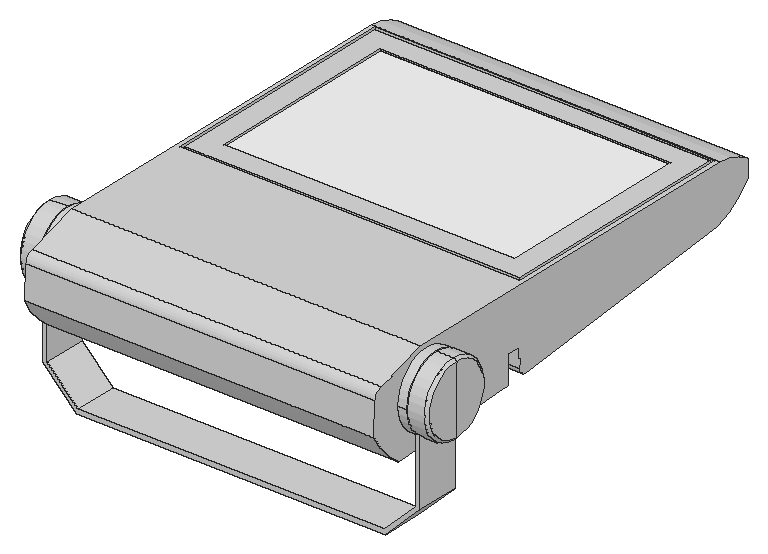
Revit family "0049110 Feilo Sylvania Lighting Fixture SYLVEO LED 8000LM WIDE 3K", category Lighting Fixtures, host Face, Revit 2017
Family settings
  Host = Face
  Round Connector Dimension = Use Diameter
  Part Type = Normal
  Cut with Voids When Loaded = No
  Light Source = No
  Shared = No
  Room Calculation Point = No
Parameters (values of type "0049110 SYLVEO LED 8000LM WIDE 3K")
  Weight = "9.082 kg"
  Wattage Comments = "n/a"
  WarrantyStartDate [instance] = "n/a"
  WarrantyGuarantorParts = "n/a"
  WarrantyDurationUnit = "n/a"
  WarrantyDurationParts = "n/a"
  WarrantyDescription = "n/a"
  Voltage = 230 V
  URL = "http://www.sylvania-lighting.com"
  TypeName = "SYLVEO LED 8000LM WIDE 3K"
  TypeBody_FEILO = Sylveo Medium Body : 0049110 SYLVEO LED 8000LM WIDE 3K
  Type Image = <None>
  Type Comments = "n/a"
  TotalWidth = 290 mm
  TiltAngle [instance] = 0.00°
  StartAngle [instance] = -TiltAngle  # 0.00°
  SerialNumber [instance] = "n/a"
  PowerFactor = 0
  PowerConsumption = "81.5 W"
  NominalWidth = 0 mm
  NominalLength = 290 mm
  NominalHeight = 333 mm
  Name = "SYLVEO LED 8000LM WIDE 3K"
  ModelReference = "SYLVEO LED 8000LM WIDE 3K"
  ModelNumber = "0049110"
  Model = "SYLVEO LED 8000LM WIDE 3K"
  Material_4_FEILO = none
  Material_3_FEILO = none
  Material_2_FEILO = Diffuser-Sylvania-Sylveo-Glow
  Material_1_FEILO = Body-Sylvania-Sylveo-Aluminium
  Material = "aluminium housing, glass diffuser"
  ManufacturerName = "Feilo Sylvania"
  Manufacturer = "Feilo Sylvania"
  LuminousEfficacy = "102.5 lm/W"
  LuminaireType = ""
  LightOutputRatio = "100"
  LampsType = Lamp  # "LED"
  LampNominalLuminous = "8354 lm"
  LampMacAdamStep = "6"
  LampColourTemperature = "3000 K"
  LampColourRenderingIndex = "70"
  Lamp = "LED"
  Keynote = "16500"
  InstallationDate [instance] = "n/a"
  InputVoltage = "100-240V~"
  InputNominalFrequency = "50 Hz"
  IngressProtection = "IP66"
  ImpactProtectionIndex = "IK08"
  IfcExportType = "IfcLightFixtureType"
  IfcExportAs = "IfcLightFixtureType"
  HingeHeight = 90 mm
  HingeDia = 52 mm
  ExpectedLife = 50000
  EndAngle [instance] = StartAngle + 180.00°  # 180.00°
  ElectricShockClassification = "Class I"
  DurationUnit = "hours"
  DocumentationLiterature = "http://www.sylvania-lighting.com/product/en-int/products/0049110"
  DimmingControlOptions = "Non dimmable"
  Description = "Exterior LED Floodlight, comes complete with a 1000mm cable and adjustable bracket, aluminium housing, clear glass diffuser, IP66, IK08, Class I, 3000K, Non-dimming, 8354lm, 82W, 103lm/W, 2400mA, CRI70, 52° beam angle, 50000hrs, (LxWxD) 66x290x333mm"
  Default Elevation = 1219.2 mm
  CreatedOn = "12/18/2017"
  CreatedBy = ""
  Cost = 0
  built-in parameter 1114216 [instance] = (empty or 0)
  ClassificationValue = "EF_70_80"
  ClassificationName = "Uniclass2015"
  Calculate Coefficient of Utilization = no
  BracketWidth = 37 mm
  BracketThickness = 3 mm
  BracketInnerWidth = 261.3 mm
  BracketFold = 25 mm
  BracketExtrusionStart = -BracketWidth / 2  # -18.5 mm
  BracketExtrusionEnd = BracketWidth / 2  # 18.5 mm
  BarCode [instance] = "n/a"
  AssetType = "Fixed"
  AssetIdentifier [instance] = "n/a"
  Assembly Code = "D5020200"
  Apparent Load = 81.5 VA
Reference planes
  plane 1 "Center (Front/Back)": y = 0
  plane 2: z = 0
  plane 3 "Center (Left/Right)": x = 0
  plane 4: x = 130.65
  plane 5: x = -130.65
  plane 6: z = 90
  plane 7: x = 145
  plane 8: x = -145
  plane 9: z = 116
  plane 10: z = 64
  plane 11: x = 143
  plane 12: x = -143
  plane 13: x = 133.65
  plane 14: x = -133.65
  plane 15: z = 3
  plane 16: z = 25
  plane 17: x = 108.65
  plane 18: x = -108.65
  plane 19: z = 66
Forms (mm)
  Extrusion 1, solid, material "Body-Sylvania-Sylveo-Aluminium" <- "Material_1_FEILO"
    sketch origin (0, 0, 0) x (1, 0, 0) y (0, 0, 1)
      loop
        line (0, 3) -> (0, 0) -> (109.478, 0) -> (133.65, 24.172) -> (133.65, 90) -> (130.65, 90) -> (130.65, 25) -> (108.65, 3) -> (0, 3)
    from -12.5 to 18.5 <- "BracketExtrusionEnd"
  Extrusion 2, solid, material "Body-Sylvania-Sylveo-Aluminium" <- "Material_1_FEILO"
    sketch origin (0, 0, 0) x (-1, 0, 0) y (0, 0, -1)
      loop
        line (0, -3) -> (108.65, -3) -> (130.65, -25) -> (130.65, -90) -> (133.65, -90) -> (133.65, -24.172) -> (109.478, 0) -> (0, 0) -> (0, -3)
    from -12.5 to 18.5 <- "BracketExtrusionEnd"
  Revolve 3, solid, material "Body-Sylvania-Sylveo-Aluminium" <- "Material_1_FEILO"
    sketch origin (0, 0, 0) x (1, 0, 0) y (0, 0, 1)
      loop
        line (-130.65, 90) -> (-145, 90) -> (-145, 66) -> (-143, 64) -> (-130.65, 64) -> (-130.65, 90)
      axis (-130.65, 90) -> (-145, 90)
    angle from 0 to 360
  Revolve 4, solid, material "Body-Sylvania-Sylveo-Aluminium" <- "Material_1_FEILO"
    sketch origin (0, 0, 0) x (-1, 0, 0) y (0, 0, 1)
      loop
        line (-130.65, 90) -> (-145, 90) -> (-145, 66) -> (-143, 64) -> (-130.65, 64) -> (-130.65, 90)
      axis (-130.65, 90) -> (-145, 90)
    angle from 0 to 360
  Revolve 5, solid, not visible
    sketch origin (181.107, 0, 90) x (1, 0, 0) y (0, 1, 0)
      loop
        line (-191.101, 0) -> (-171.112, 0) -> (-171.112, 10) -> (-191.101, 10) -> (-191.101, 0)
      axis (-171.112, 0) -> (-191.101, 0)
    angle from 0 <- "StartAngle" to 180 <- "EndAngle"
Cuts and joins
  joined: Extrusion 1, Extrusion 2, Revolve 3, Revolve 4
Dimensions and locks
  equal spacing: plane 5, plane 3 "Center (Left/Right)", plane 4
  "BracketInnerWidth": plane 5 to plane 4
  equal spacing: plane 7, plane 3 "Center (Left/Right)", plane 8
  "TotalWidth": plane 7 to plane 8
  "HingeHeight": plane 2 to plane 6
  equal spacing: plane 10, plane 6, plane 9
  "HingeDia": plane 10 to plane 9
  equal spacing: plane 11, plane 3 "Center (Left/Right)", plane 12
  equal spacing: plane 13, plane 3 "Center (Left/Right)", plane 14
  "BracketFold": plane 2 to plane 16
  "BracketThickness": plane 2 to plane 15
  equal spacing: plane 17, plane 3 "Center (Left/Right)", plane 18
  locked: plane 19 to plane 10 at 2
  locked: Revolve 5 sketch curve to Revolve 5 sketch curve at 10
  equal spacing: Revolve 5 sketch curve, plane 3 "Center (Left/Right)", Revolve 5 sketch curve
  locked: Revolve 5 sketch curve to Revolve 5 sketch curve at 19.988
  locked: plane 7 to plane 11 at 2
  "BracketFold": plane 13 to plane 17
  "BracketThickness": plane 4 to plane 13
  aligned and locked: plane 2 to host face
  aligned and locked: level to host face
  aligned and locked: Revolve 3 sketch curve to plane 10
  aligned and locked: Revolve 3 sketch curve to plane 8
  aligned and locked: plane 5 to Revolve 3 sketch curve
  aligned and locked: Revolve 3 sketch curve to plane 6  (x2)
  aligned and locked: Revolve 5 sketch curve to plane 1 "Center (Front/Back)"
  aligned and locked: plane 3 "Center (Left/Right)" to nested 1
Automatic sketch dimensions
  host sketch curve to host sketch curve = 2438.4 mm  (x2)
  Extrusion 1 sketch curve to plane 3 "Center (Left/Right)" = 0 mm  (x2)
  Extrusion 1 sketch curve to level = 0 mm  (x2)
  Extrusion 1 sketch curve to plane 15 = 0 mm
  Extrusion 1 sketch curve to plane 17 = 0 mm
  plane 4 to Extrusion 1 sketch curve = 0 mm
  Extrusion 1 sketch curve to plane 13 = 0 mm  (x2)
  Extrusion 1 sketch curve to plane 6 = 0 mm  (x2)
  Extrusion 1 sketch curve to plane 16 = 0 mm
  plane 17 to Extrusion 1 sketch curve = 0.828 mm
  Extrusion 1 sketch curve to plane 16 = 0.828 mm
  Extrusion 2 sketch curve to plane 3 "Center (Left/Right)" = 0 mm  (x2)
  Extrusion 2 sketch curve to level = 0 mm  (x2)
  Extrusion 2 sketch curve to plane 15 = 0 mm
  plane 18 to Extrusion 2 sketch curve = 0 mm
  plane 5 to Extrusion 2 sketch curve = 0 mm
  plane 14 to Extrusion 2 sketch curve = 0 mm  (x2)
  Extrusion 2 sketch curve to plane 6 = 0 mm  (x2)
  Extrusion 2 sketch curve to plane 16 = 0 mm
  Extrusion 2 sketch curve to plane 18 = 0.828 mm
  plane 16 to Extrusion 2 sketch curve = 0.828 mm
  plane 12 to Revolve 3 sketch curve = 0 mm
  Revolve 3 sketch curve to plane 19 = 0 mm
  plane 8 to Revolve 3 sketch curve = 77.715 mm
  plane 7 to Revolve 3 sketch curve = 78.607 mm
  Revolve 4 sketch curve to plane 6 = 0 mm  (x2)
  Revolve 4 sketch curve to plane 7 = 0 mm
  Revolve 4 sketch curve to plane 10 = 0 mm
  Revolve 4 sketch curve to plane 11 = 0 mm
  plane 4 to Revolve 4 sketch curve = 0 mm
  Revolve 4 sketch curve to plane 19 = 0 mm
  Revolve 4 sketch curve to Revolve 4 sketch curve = 77.715 mm
  Revolve 4 sketch curve to plane 8 = 78.607 mm
  plane 1 "Center (Front/Back)" to Revolve 5 sketch curve = 0 mm
  plane 8 to Revolve 5 sketch curve = 1421.5 mm
  plane 7 to Revolve 5 sketch curve = 1421.5 mm
Nested families
  nested 1: "Sylveo Medium Body" at (0, -47.297, 90), type <- "TypeBody_FEILO", type "0049110 SYLVEO LED 8000LM WIDE 3K"
Connectors
  electrical at (0, 0, 0), driven by "Apparent Load", driven by "Voltage", driven by "PowerFactor"
    settings: index 1, voltage 230 V, apparent load 81.5 VA, apparent load phase1 0 VA, apparent load phase2 0 VA, apparent load phase3 0 VA, power factor 0, load classification "Lighting", number of poles 1, system type 30, power factor state 1, is connector primary yes, connector utility no, sub classification motor no, connector description ""
Definition of nested family "Sylveo Medium Body"
  Parameters (values of type "0049141 SYLVEO LED 8000LM RASYM 4K DALI ")
    Wattage = 80 W
    built-in parameter 1150110 = 1 (stored number, unit not read)
    URL = "http://www.feilosylvania.com"
    Type Comments = "n/a"
    built-in parameter 1114217 = 1 (stored number, unit not read)
    Tilt Angle = -90.00°
    built-in parameter 1150109 = 1 (stored number, unit not read)
    built-in parameter 1150134 = 12
    built-in parameter 1150113 = 1 (stored number, unit not read)
    Photometric Web File = "0049141.ies"
    Model = "SYLVEO LED 8000LM RASYM 4K DALI"
    Material_4_FEILO = none
    Material_3_FEILO = none
    Material_2_FEILO = none
    Material_1_FEILO = none
    Manufacturer = "Feilo Sylvania"
    built-in parameter 1150105 = 4415 (stored number, unit not read)
    Lumens = 8544 lm
    built-in parameter 1150115 = 1 (stored number, unit not read)
    built-in parameter 1150137 = (empty or 0)
    built-in parameter 1150139 = (empty or 0)
    built-in parameter 1150112 = 1 (stored number, unit not read)
    built-in parameter 1150114 = 1 (stored number, unit not read)
    Lamp = "LED"
    Keynote = "16500"
    built-in parameter 1150132 = (empty or 0)
    built-in parameter 1150102 = (empty or 0)
    built-in parameter 1150107 = 4000 (stored number, unit not read)
    built-in parameter 1150138 = (empty or 0)
    built-in parameter 1150106 = 44.15 (stored number, unit not read)
    Emit from Rectangle Width = 138.8 mm
    Emit from Rectangle Length = 206.3 mm
    Emit Shape Visible in Rendering = no
    built-in parameter 1150104 = 9.922 (stored number, unit not read)
    Dimming Lamp Color Temperature Shift = (empty or 0)
    Description = "Exterior LED floodlight, comes complete with a 1000mm cable and adjustable bracket, aluminium housing, clear glass diffuser, 8542lm, 80W, 106lm/W, 4000K, 2280mA, CRI70, 52°x117° beam angle, DALI dimmable, IP66, IK08, Class I, 50000hrs, (LxWxD) 66x290x333mm"
    Default Elevation = 1219.2 mm
    Cost = 0
    Color Filter = 16777215
    built-in parameter 1114218 = 1 (stored number, unit not read)
    built-in parameter 1150133 = 10 (stored number, unit not read)
    Assembly Code = "D5020200"
    Apparent Load = 80 VA
  Types (9, lengths in mm): name | Wattage | built-in parameter 1150134 | Photometric Web File | Model | built-in parameter 1150105 | Lumens | built-in parameter 1150107 | built-in parameter 1150106 | built-in parameter 1150104 | Description | Apparent Load
    0049141 SYLVEO LED 8000LM RASYM 4K DALI | 80 W | 12 | "0049141.ies" | "SYLVEO LED 8000LM RASYM 4K DALI" | 4415 (stored number, unit not read) | 8544 lm | 4000 (stored number, unit not read) | 44.15 (stored number, unit not read) | 9.922 (stored number, unit not read) | "Exterior LED floodlight, comes complete with a 1000mm cable and adjustable bracket, aluminium housing, clear glass diffuser, 8542lm, 80W, 106lm/W, 4000K, 2280mA, CRI70, 52°x117° beam angle, DALI dimmable, IP66, IK08, Class I, 50000hrs, (LxWxD) 66x290x333mm" | 80 VA
    0049140 SYLVEO LED 8000LM WIDE 4K DALI | 81 W | 12 | "0049140.ies" | "SYLVEO LED 8000LM WIDE 4K DALI" | 10450.4 (stored number, unit not read) | 8537.4 lm | 4000 (stored number, unit not read) | 104.5 (stored number, unit not read) | 9.792 (stored number, unit not read) | "Exterior LED floodlight, comes complete with a 1000mm cable and adjustable bracket, aluminium housing, clear glass diffuser, 8541lm, 81W, 105lm/W, 4000K, 2280mA, CRI70, 52° beam angle, DALI dimmable, IP66, IK08, Class I, 50000hrs, (LxWxD) 66x290x333mm" | 81 VA
    0049139 SYLVEO LED 8000LM NAR 4K DALI | 81 W | 12 | "0049139.ies" | "SYLVEO LED 8000LM NAR 4K DALI" | 20285.7 (stored number, unit not read) | 8723.7 lm | 4000 (stored number, unit not read) | 202.86 (stored number, unit not read) | 10.006 (stored number, unit not read) | "Exterior LED floodlight, comes complete with a 1000mm cable and adjustable bracket, aluminium housing, clear glass diffuser, 8721lm, 81, 107lm/W, 4000K, 2280mA, CRI70, 30° beam angle, DALI dimmable, IP66, IK08, Class I, 50000hrs, (LxWxD) 66x290x333mm" | 81 VA
    0049111 SYLVEO LED 8000LM RASYM 3K | 81.5 W | (empty or 0) | "0049111.ies" | "SYLVEO LED 8000LM RASYM 3K" | 4290.9 (stored number, unit not read) | 8304.85 lm | 3000 (stored number, unit not read) | 42.909 (stored number, unit not read) | 9.4668 (stored number, unit not read) | "Exterior LED Floodlight, comes complete with a 1000mm cable and adjustable bracket, aluminium housing, clear glass diffuser, IP66, IK08, Class I, 3000K, Non-dimming, 8305lm, 82W, 102lm/W, 2400mA, CRI70, 52°x117° beam angle, 50000hrs, (LxWxD) 66x290x333mm" | 81.5 VA
    0049110 SYLVEO LED 8000LM WIDE 3K | 81.5 W | (empty or 0) | "0049110.ies" | "SYLVEO LED 8000LM WIDE 3K" | 9790.8 (stored number, unit not read) | 8353.75 lm | 3000 (stored number, unit not read) | 97.908 (stored number, unit not read) | 9.5226 (stored number, unit not read) | "Exterior LED Floodlight, comes complete with a 1000mm cable and adjustable bracket, aluminium housing, clear glass diffuser, IP66, IK08, Class I, 3000K, Non-dimming, 8354lm, 82W, 103lm/W, 2400mA, CRI70, 52° beam angle, 50000hrs, (LxWxD) 66x290x333mm" | 81.5 VA
    0049109 SYLVEO LED 8000LM NAR 3K | 80.7 W | (empty or 0) | "0049109.ies" | "SYLVEO LED 8000LM NAR 3K" | 19830.2 (stored number, unit not read) | 8336.31 lm | 3000 (stored number, unit not read) | 198.3 (stored number, unit not read) | 9.5969 (stored number, unit not read) | "Exterior LED Floodlight, comes complete with a 1000mm cable and adjustable bracket, aluminium housing, clear glass diffuser, IP66, IK08, Class I, 3000K, Non-dimming, 8336lm, 81W, 103lm/W, 2400mA, CRI70, 30° beam angle, 50000hrs, (LxWxD) 66x290x333mm" | 80.7 VA
    0049108 SYLVEO LED 8000LM RASYM 4K | 82.2 W | 12 | "0049108.ies" | "SYLVEO LED 8000LM RASYM 4K" | 4540.1 (stored number, unit not read) | 8787.18 lm | 4000 (stored number, unit not read) | 45.401 (stored number, unit not read) | 9.9313 (stored number, unit not read) | "Exterior LED Floodlight, comes complete with a 1000mm cable and adjustable bracket, aluminium housing, clear glass diffuser, IP66, IK08, Class I, 4000K, Non-dimming, 8787lm, 82W, 107lm/W, 2400mA, CRI70, 52°x117° beam angle, 50000hrs, (LxWxD) 66x290x333mm" | 82.2 VA
    0049107 SYLVEO LED 8000LM WIDE 4K | 82.2 W | 12 | "0049107.ies" | "SYLVEO LED 8000LM WIDE 4K" | 11015.4 (stored number, unit not read) | 8729.64 lm | 4000 (stored number, unit not read) | 110.15 (stored number, unit not read) | 9.8663 (stored number, unit not read) | "Exterior LED Floodlight, comes complete with a 1000mm cable and adjustable bracket, aluminium housing, clear glass diffuser, IP66, IK08, Class I, 4000K, Non-dimming, 8730lm, 82W, 106lm/W, 2400mA, CRI70, 52° beam angle, 50000hrs, (LxWxD) 66x290x333mm" | 82.2 VA
    0049106 SYLVEO LED 8000LM NAR 4K | 80.1 W | 12 | "0049106.ies" | "SYLVEO LED 8000LM NAR 4K" | 21168.1 (stored number, unit not read) | 8554.68 lm | 4000 (stored number, unit not read) | 211.68 (stored number, unit not read) | 9.922 (stored number, unit not read) | "Exterior LED Floodlight, comes complete with a 1000mm cable and adjustable bracket, aluminium housing, clear glass diffuser, IP66, IK08, Class I, 4000K, Non-dimming, 8555lm, 80W, 107lm/W, 2400mA, CRI70, 30° beam angle, 50000hrs, (LxWxD) 66x290x333mm" | 80.1 VA
  Reference planes
    plane 1 "Center (Front/Back)": y = 0
    plane 2: z = 0
    plane 3 "Center (Left/Right)": x = 0
    plane 4: y = 333
    plane 5: y = 47.297
    plane 6: y = 73.469
    plane 7: y = 21.125
    plane 8: x = -130.625
    plane 9: x = 130.625
    plane 10: y = 304.814
    plane 11: y = 135.969
    plane 12: y = 289.814
    plane 13: y = 150.969
    plane 14: x = 103.125
    plane 15: x = -103.125
    plane 16: x = -123.75
    plane 17: x = 123.75
    plane 18: x = -118.594
    plane 19: x = 118.594
    plane 20: y = 322.719
    plane 21: y = 119.719
    plane 22: z = 29.125
    plane 23: z = -36.875
    plane 24: x = -120.75
    plane 25: x = 120.75
    plane 26: y = 306.814
    plane 27: y = 133.969
    plane 28: y = 220.391
  Forms (mm)
    Extrusion 1, solid
      sketch origin (-0.8, 0, 0) x (1, 0, 0) y (0, 1, 0)
        loop
          line (-1219.2, 1219.2) -> (-1219.2, -1219.2) -> (1219.2, -1219.2) -> (1219.2, 1219.2) -> (-1219.2, 1219.2)
      from 0 to -304.8
    Extrusion 2, solid, material <- "Material_1_FEILO"
      sketch origin (0, 0, 0) x (0, 1, 0) y (0, 0, 1)
        loop
          circle (47.297, 0) r 26.026
      from 130.625 to -130.625
    Extrusion 3, solid, material <- "Material_1_FEILO"
      sketch origin (0, 0, 0) x (1, 0, 0) y (0, 1, 0)
        loop
          line (-123.75, 333) -> (-123.75, 0) -> (123.75, 0) -> (123.75, 333) -> (-123.75, 333)
      from 29.125 to -36.875
    Extrusion 4, void, detail levels medium+fine
      sketch origin (0, 0, 0) x (0, 1, 0) y (0, 0, 1)
        loop
          line (42.297, 29.125) -> (0, 29.125) -> (0, -36.875) -> (333, -36.875) -> (333, 29.125) -> (308.414, 29.125)
          arc (308.414, 29.125) -> (320.149, 26.569) -> (330.963, 21.346) r 51.141
          arc (330.963, 21.346) -> (332.019, 20.218) -> (332.403, 18.722) r 3.112
          line (332.403, 18.722) -> (332.403, 7.346)
          arc (332.403, 7.346) -> (319.575, -3.301) -> (304.814, -11.047) r 79.724
          line (304.814, -11.047) -> (135.202, -28.874)
          arc (135.202, -28.874) -> (131.465, -27.731) -> (129.692, -24.25) r 5
          line (129.692, -24.25) -> (128.705, -10.138) -> (119.719, -10.138) -> (119.719, -28.285)
          arc (119.719, -28.285) -> (119.184, -29.635) -> (117.869, -30.252) r 1.971
          line (117.869, -30.252) -> (22.334, -36.171)
          arc (22.334, -36.171) -> (9.868, -24.998) -> (0.544, -11.095) r 67.339
          line (0.544, -11.095) -> (1.881, 11.454)
          arc (1.881, 11.454) -> (3.538, 15.816) -> (7.388, 18.452) r 7.801
          line (7.388, 18.452) -> (42.297, 29.125)
      from 123.75 to -123.75
    Extrusion 5, void
      sketch origin (0, -66.866, 29.125) x (1, 0, 0) y (0, -1, 0)
        loop
          line (-120.75, -373.679) -> (120.75, -373.679) -> (120.75, -200.834) -> (-120.75, -200.834) -> (-120.75, -373.679)
      from 0 to 4
    Extrusion 6, solid, material <- "Material_1_FEILO"
      sketch origin (0, -66.866, 29.125) x (0, -1, 0) y (1, 0, 0)
        loop
          line (-371.679, -118.594) -> (-202.834, -118.594) -> (-202.834, 118.594) -> (-371.679, 118.594) -> (-371.679, -118.594)
        loop
          line (-356.679, -103.125) -> (-217.834, -103.125) -> (-217.834, 103.125) -> (-356.679, 103.125) -> (-356.679, -103.125)
      from 0 to -4
    Extrusion 7, solid, material <- "Material_1_FEILO"
      sketch origin (0, -66.866, 29.125) x (0, -1, 0) y (1, 0, 0)
        loop
          line (-356.679, -103.125) -> (-217.834, -103.125) -> (-217.834, 103.125) -> (-356.679, 103.125) -> (-356.679, -103.125)
      from -3 to -4
    Extrusion 8, solid, material <- "Material_2_FEILO"
      sketch origin (0, -66.866, 29.125) x (0, -1, 0) y (1, 0, 0)
        loop
          line (-217.834, -103.125) -> (-217.834, 103.125) -> (-356.679, 103.125) -> (-356.679, -103.125) -> (-217.834, -103.125)
      from -1 to -2
  Cuts and joins
    Extrusion 4, Extrusion 5 cuts Extrusion 2
    Extrusion 4, Extrusion 5 cuts Extrusion 3
    joined: Extrusion 2, Extrusion 3
    joined: Extrusion 6, Extrusion 7
  Dimensions and locks
    equal spacing: plane 6, plane 5, plane 7
    locked: plane 5 to plane 1 "Center (Front/Back)" at 47.297
    equal spacing: plane 8, plane 3 "Center (Left/Right)", plane 9
    locked: plane 8 to plane 9 at 261.25
    equal spacing: plane 16, plane 3 "Center (Left/Right)", plane 17
    equal spacing: plane 18, plane 3 "Center (Left/Right)", plane 19
    locked: plane 20 to plane 21 at 203
    locked: plane 16 to plane 17 at 247.5
    locked: plane 23 to plane 22 at 66
    locked: plane 22 to plane 2 at 29.125
    locked: plane 18 to plane 19 at 237.187
    locked: plane 15 to plane 14 at 206.25
    locked: plane 1 "Center (Front/Back)" to plane 4 at 333
    locked: plane 4 to plane 20 at 10.281
    locked: plane 10 to plane 11 at 168.845
    locked: plane 1 "Center (Front/Back)" to plane 11 at 135.969
    locked: plane 12 to plane 13 at 138.845
    locked: plane 1 "Center (Front/Back)" to plane 13 at 150.969
    locked: plane 16 to plane 24 at 3
    equal spacing: plane 24, plane 3 "Center (Left/Right)", plane 25
    locked: plane 26 to plane 10 at 2
    locked: plane 11 to plane 27 at 2
    equal spacing: plane 12, plane 28, plane 13, locked at 69.422 each
    aligned and locked: plane 2 to Extrusion 1
    aligned and locked: level to Extrusion 1
    aligned and locked: Extrusion 2 to plane 9
    aligned and locked: plane 8 to Extrusion 2
    aligned and locked: plane 4 to Extrusion 3 sketch curve
    aligned and locked: plane 16 to Extrusion 3 sketch curve
    aligned and locked: Extrusion 3 sketch curve to plane 1 "Center (Front/Back)"
    aligned and locked: plane 17 to Extrusion 3 sketch curve
    aligned and locked: plane 22 to Extrusion 3
    aligned and locked: plane 23 to Extrusion 3
    aligned and locked: Extrusion 4 to plane 16
    aligned and locked: Extrusion 4 to plane 17
    aligned and locked: Extrusion 5 sketch curve to plane 26
    aligned and locked: plane 24 to Extrusion 5 sketch curve
    aligned and locked: plane 27 to Extrusion 5 sketch curve
    aligned and locked: plane 25 to Extrusion 5 sketch curve
    aligned and locked: Extrusion 6 sketch curve to plane 10
    aligned and locked: plane 18 to Extrusion 6 sketch curve
    aligned and locked: plane 11 to Extrusion 6 sketch curve
    aligned and locked: plane 19 to Extrusion 6 sketch curve
    aligned and locked: Extrusion 6 sketch curve to plane 12
    aligned and locked: Extrusion 6 sketch curve to plane 15
    aligned and locked: plane 13 to Extrusion 6 sketch curve
    aligned and locked: Extrusion 6 sketch curve to plane 14
    aligned and locked: Extrusion 7 sketch curve to Extrusion 6  (x4)
    aligned and locked: cut or joined group of Extrusion 2, Extrusion 3, Extrusion 4, Extrusion 5 to Extrusion 7
    aligned and locked: Extrusion 8 sketch curve to Extrusion 6  (x4)
    aligned and locked: imposter light to plane 3 "Center (Left/Right)"
    aligned and locked: imposter light to plane 22
  Automatic sketch dimensions
    Extrusion 1 sketch curve to Extrusion 1 sketch curve = 2438.4 mm  (x2)
    Extrusion 2 sketch curve to level = 0 mm
    Extrusion 2 sketch curve to plane 5 = 0 mm
    Extrusion 4 sketch curve to plane 1 "Center (Front/Back)" = 0 mm
    Extrusion 4 sketch curve to plane 22 = 0 mm  (x2)
    Extrusion 4 sketch curve to plane 21 = 0 mm
    Extrusion 4 sketch curve to plane 10 = 0 mm
    Extrusion 4 sketch curve to plane 4 = 0 mm
    plane 23 to Extrusion 4 sketch curve = 0 mm
    Extrusion 4 sketch curve to plane 1 "Center (Front/Back)" = 0.544 mm
    Extrusion 4 sketch curve to plane 1 "Center (Front/Back)" = 1.881 mm
    Extrusion 4 sketch curve to plane 1 "Center (Front/Back)" = 7.388 mm
    Extrusion 4 sketch curve to Extrusion 4 sketch curve = 2.281 mm
    plane 7 to Extrusion 4 sketch curve = 1.209 mm
    Extrusion 4 sketch curve to plane 5 = 5 mm
    Extrusion 4 sketch curve to plane 6 = 12.772 mm
    Extrusion 4 sketch curve to plane 21 = 1.971 mm
    Extrusion 4 sketch curve to plane 21 = 1.849 mm
    Extrusion 4 sketch curve to plane 11 = 7.264 mm
    Extrusion 4 sketch curve to plane 11 = 6.277 mm
    Extrusion 4 sketch curve to plane 11 = 1.289 mm
    Extrusion 4 sketch curve to plane 11 = 0.767 mm
    Extrusion 4 sketch curve to plane 12 = 14.463 mm
    Extrusion 4 sketch curve to plane 10 = 1.343 mm
    plane 4 to Extrusion 4 sketch curve = 3.71 mm
    plane 4 to Extrusion 4 sketch curve = 0.597 mm
    Extrusion 4 sketch curve to plane 23 = 0.704 mm
    Extrusion 4 sketch curve to plane 23 = 6.623 mm
    Extrusion 4 sketch curve to plane 23 = 8.001 mm
    Extrusion 4 sketch curve to Extrusion 4 sketch curve = 4.624 mm
    Extrusion 4 sketch curve to plane 23 = 15.098 mm
    Extrusion 4 sketch curve to level = 11.095 mm
    Extrusion 4 sketch curve to Extrusion 4 sketch curve = 10.73 mm
    Extrusion 4 sketch curve to level = 10.138 mm
    level to Extrusion 4 sketch curve = 7.346 mm
    level to Extrusion 4 sketch curve = 10.992 mm
    Extrusion 4 sketch curve to Extrusion 4 sketch curve = 0.462 mm
    Extrusion 4 sketch curve to plane 22 = 10.403 mm
    plane 10 to Extrusion 4 sketch curve = 3.6 mm
    radius of Extrusion 2 sketch curve = 26.026 mm
